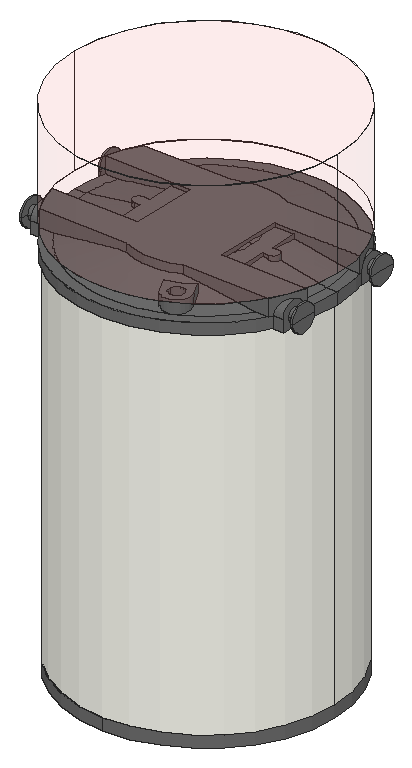
Revit family "Cooling_Plant-Accessories-Calmac-IceBank-Model-1220C4F", category Mechanical Equipment, Revit 2014
Parameters (values of type "1220C4F")
  Watermarked By = "http://revitwatermark.com"
  Water_Ice Tank Volume = "2,185 Gallons"
  Warning = "Ice tanks are a component in an ice storage system including chillers, pumps, and controls. Contact CALMAC for IceBank® selection support to make sure all system components will work together properly."
  URL = "http://www.calmac.com/"
  Total Cooling Capacity [instance] = 0.0 ton
  Tank Net Usable Capacity = "98 Ton-Hrs"
  Product Page URL = "http://www.calmac.com/products/icebank.asp"
  Is Tank 1 Front Right Connector Visible = not(CTRL Off)  # yes
  Is Tank 1 Front Left Connector Visible = not(CTRL Off)  # yes
  Is Tank 1 Back Right Connector Visible = not(CTRL Off)  # yes
  Is Tank 1 Back Left Connector Visible = not(CTRL Off)  # yes
  Surface Finish = Plastic- Calmac- Black
  Supply Coolant Temperature [instance] = -459.67 °F
  Storage Inlet Temperature [instance] = 60 °F
  Shipping Weight = 2600.00 lbf
  Return Coolant Temperature [instance] = -459.67 °F
  Requires Plate Heat Exchanger [instance] = no
  Project/Customer = ""
  Product Documentation Link = ""
  Pressure Drop [instance] = 0.00 psi
  Precool Hours [instance] = 0
  Pipe Material = Plastic- Calmac- Black
  Operating Weight = 22500.00 lbf
  Occupied Hours [instance] = 0
  Model = "1220C4F"  # constant formula
  Maximum Operating Temperature = "77 °F"
  Maximum Operating Pressure = "620 kPa"
  Manufacturer e-mail = "info@Calmac.com"
  Manufacturer Contact Details = "CALMAC Manufacturing Corporation Headquarters, 3-00 Banta Place, Fair Lawn, NJ  07410, Tel: (201) 797-1511, Fax: (201) 797-1522"
  Manufacturer = "CALMAC Manufacturing Corp."  # constant formula
  Main Use [instance] = ""
  Location [instance] = ""
  Lid Type = Cooling_Plant_Accessories-Calmac-IceBank-Lid_C : Lid-C
  Lid Diameter = 89"  # constant formula
  Leg 4 = 46"  # constant formula
  Leg 1 = 46"  # constant formula
  Latent Cooling Capacity [instance] = 0.0 ton
  Inlet Outlet Center Height = 129"  # constant formula
  Heat Exchanger Volume = "205 Gallons"
  Has Rigging Bar [instance] = no
  Has Plate and Frame Heat Exchanger [instance] = no
  Has Ice Inventory Meter [instance] = no
  Has Heat Transfer Fluid [instance] = no
  Has Glycol Management System [instance] = no
  Floor Loading Weight = "520 lb/sq.ft."
  Factory Tested Pressure = "1724 kPa"
  Diversity Factor [instance] = 0
  Discharge Rate [instance] = 0
  Discharge Hours [instance] = 0
  Description = "Off-Peak Cooling System"
  Is Clearance Box Visible [instance] = yes
  Clearance Box Height = 36"  # constant formula
  City/State [instance] = ""
  CTRL On = yes
  CTRL Off = not(CTRL On)  # no
  CTRL Hydronic Supply Description = "Hydronic Supply"  # constant formula
  CTRL Hydronic Return Description = "Hydronic Return"  # constant formula
  CTRL Base Radius = 43 31/64"
  Body Material = Plastic- Calmac- Off_White
  Has Solid Base [instance] = yes
  Base Height = Inlet Outlet Center Height - 3 3/4"  # 125 1/4"
  Base Finish = Plastic- Calmac- Black
  Assembly Code = "D3030300"
  Actual Chilled Water Flow [instance] = 0 GPM
Reference planes (in)
  plane 1 "Center (Front/Back)": y = 0
  plane 2 "Bottom": z = 0
  plane 3 "Center (Left/Right)": x = 0
  plane 4 "T.O. Base": z = 125.25
  plane 5 "Inlet/Outlet Center (Elevation)": z = 129
  plane 6 "Right Connector Face": x = 46
  plane 7 "Left Connector Face": x = -46
  plane 8 "T.O. Lid": z = 134.5
  plane 9 "Top": z = 170.5
  plane 10 "Front Connection Center (F/B)": y = -16.5
  plane 11 "Back Connection Center (F/B)": y = 16.5
  plane 12 "Back": y = 44.5
  plane 13 "Front": y = -44.5
  plane 14 "Front of Tank": x = 45
  plane 15 "Back of Tank": x = -45
Dimensions and locks (in)
  locked: plane 5 "Inlet/Outlet Center (Elevation)" to plane 4 "T.O. Base" at 3.75
  "Inlet Outlet Center Height": plane 5 "Inlet/Outlet Center (Elevation)" to plane 2 "Bottom"
  "Leg 1": plane 3 "Center (Left/Right)" to plane 6 "Right Connector Face"
  "Leg 4": plane 7 "Left Connector Face" to plane 3 "Center (Left/Right)"
  locked: plane 8 "T.O. Lid" to plane 5 "Inlet/Outlet Center (Elevation)" at 5.5
  locked: plane 10 "Front Connection Center (F/B)" to plane 1 "Center (Front/Back)" at 16.5
  locked: plane 1 "Center (Front/Back)" to plane 11 "Back Connection Center (F/B)" at 16.5
  locked: plane 1 "Center (Front/Back)" to plane 12 "Back" at 44.5
  locked: plane 13 "Front" to plane 1 "Center (Front/Back)" at 44.5
  "Clearance Box Height": plane 9 "Top" to plane 8 "T.O. Lid"
  locked: plane 14 "Front of Tank" to plane 6 "Right Connector Face" at 1
  locked: plane 7 "Left Connector Face" to plane 15 "Back of Tank" at 1
  plane 7 "Left Connector Face" to plane 6 "Right Connector Face" = 92"
  plane 13 "Front" to plane 12 "Back" = 89"
  plane 8 "T.O. Lid" to plane 2 "Bottom" = 134 1/2"
  aligned and locked: plane 1 "Center (Front/Back)" to nested 1
  aligned and locked: plane 3 "Center (Left/Right)" to nested 1
  aligned: plane 3 "Center (Left/Right)" to nested 2
  aligned and locked: plane 1 "Center (Front/Back)" to nested 2
  aligned: plane 4 "T.O. Base" to nested 2
  aligned and locked: plane 4 "T.O. Base" to nested 2  (x2)
  aligned and locked: plane 3 "Center (Left/Right)" to nested 2  (x2)
Nested families (in)
  nested 1: "Cooling_Plant_Accessories-Calmac-IceBank-Base" at (0, 0, 0), type "Base"
    with Is Symbolic Line Visible no, Has Solid Base yes, CTRL Inner Wall Radius 42 39/64", CTRL Base Radius 43 31/64", Base Height 125 1/4"
  nested 2: "Cooling_Plant_Accessories-Calmac-IceBank-Lid_C" at (0, 0, 125.25), type <- "Lid Type", Is Front Right  Flanged Connector Visibility <- "Is Tank 1 Front Right Connector Visible", Is Front Left  Flanged Connector Visibility <- "Is Tank 1 Front Left Connector Visible", Is Clearance Box Visible <- "Is Clearance Box Visible", Is Back Right Flanged Connector Visibility <- "Is Tank 1 Back Right Connector Visible", Is Back Left  Flanged Connector Visibility <- "Is Tank 1 Back Left Connector Visible", Diameter <- "Lid Diameter", Clearance Box Height <- "Clearance Box Height", type "Lid-C"
    with Is Front Right  Flanged Connector Visibility yes, Is Front Left  Flanged Connector Visibility yes, Is Clearance Box Visible yes, Is Back Right Flanged Connector Visibility yes, Is Back Left  Flanged Connector Visibility yes, Diameter 89", Connections Rear Cooling_Plant_Accessories-Calmac-IceBank-4-Inch Flanged Connection : Flange, Connections Front Cooling_Plant_Accessories-Calmac-IceBank-4-Inch Flanged Connection : Flange, Clearance Box Height 36", CTRL Radius 44 1/2"
Connectors (in)
  piping at (-45.3757, -16.5, 129), diameter 4, driven by "Actual Chilled Water Flow", driven by "CTRL Hydronic Return Description"
    settings: on nested 2, index 6, connector inside diameter 24", connector length 0", flow factor 0, pipe flow 0 GPM, pressure drop 0.00 psi, fitting loss kfactor 0, connector angle 0.00°, fixture units 0, engagement length 0", angle of deflection 0.00°, flow configuration 0, flow direction 1, fitting loss method 0, system type 8, joint type 0, gender type 0, connector reference index -1, connector utility 0, adjustable connector no, is connector primary no, connector description "Hydronic Return"
  piping at (-45.3757, 16.5, 129), diameter 4, driven by "CTRL Hydronic Supply Description", driven by "Actual Chilled Water Flow"
    settings: on nested 2, index 7, connector inside diameter 24", connector length 0", flow factor 0, pipe flow 0 GPM, pressure drop 0.00 psi, fitting loss kfactor 0, connector angle 0.00°, fixture units 0, engagement length 0", angle of deflection 0.00°, flow configuration 0, flow direction 2, fitting loss method 0, system type 7, joint type 0, gender type 0, connector reference index -1, connector utility 0, adjustable connector no, is connector primary no, connector description "Hydronic Supply"
  piping at (45.3757, -16.5, 129), diameter 4, driven by "CTRL Hydronic Return Description", driven by "Actual Chilled Water Flow"
    settings: on nested 2, index 8, connector inside diameter 24", connector length 0", flow factor 0, pipe flow 0 GPM, pressure drop 0.00 psi, fitting loss kfactor 0, connector angle 0.00°, fixture units 0, engagement length 0", angle of deflection 0.00°, flow configuration 0, flow direction 1, fitting loss method 0, system type 8, joint type 0, gender type 0, connector reference index -1, connector utility 0, adjustable connector no, is connector primary yes, connector description "Hydronic Return"
  piping at (45.3757, 16.5, 129), diameter 4, driven by "Actual Chilled Water Flow", driven by "CTRL Hydronic Supply Description"
    settings: on nested 2, index 9, connector inside diameter 24", connector length 0", flow factor 0, pipe flow 0 GPM, pressure drop 0.00 psi, fitting loss kfactor 0, connector angle 0.00°, fixture units 0, engagement length 0", angle of deflection 0.00°, flow configuration 0, flow direction 2, fitting loss method 0, system type 7, joint type 0, gender type 0, connector reference index -1, connector utility 0, adjustable connector no, is connector primary no, connector description "Hydronic Supply"
Definition of nested family "Cooling_Plant_Accessories-Calmac-IceBank-Base"
  Parameters (values of type "Base")
    Wall Thickness = 7/8"
    URL = "http://www.calmac.com/"
    Type Comments = ""
    Is Symbolic Line Visible = not(Has Solid Base)  # yes
    Has Solid Base = no
    Model = ""
    Manufacturer = "CALMAC Manufacturing Corp."  # constant formula
    CTRL Inner Wall Radius = CTRL Base Radius - Wall Thickness  # 36"
    CTRL Base Radius = 36 7/8"
    Body Material = Plastic- Calmac- Off_White
    Base Height = 43 5/16"
    Base Finish = Plastic- Calmac- Black
    Assembly Code = "D3030"
  Reference planes (in)
    plane 1 "Center (Front/Back)": y = 0
    plane 2 "Bottom": z = 0
    plane 3 "Center (Left/Right)": x = 0
    plane 4 "Back": y = 36.875
    plane 5 "Front": y = -36.875
    plane 6 "Right": x = 36.875
    plane 7 "Left": x = -36.875
    plane 8 "T.O. Base Plate": z = 4
    plane 9 "Right Edge of Right Void": x = 24.125
    plane 10 "Left Edge of Right Void": x = 13.125
    plane 11 "Left Edge of Left Void": x = -24.125
    plane 12 "Right Edge of Left Void": x = -13.125
    plane 13 "T.O. Base Void": z = 2
    plane 14 "T.O. Base": z = 43.3125
  Forms (in)
    Extrusion 1, solid, material "Plastic- Calmac- Black" <- "Base Finish", visible <- "Is Symbolic Line Visible", detail levels fine
      sketch origin (0, 0, 0) x (1, 0, 0) y (0, 1, 0)
        loop
          circle (0, 0) r 36.875
      from 0 to 4
    Extrusion 2, void
      sketch origin (0, 0, 0) x (1, 0, 0) y (0, 1, 0)
        loop
          line (-24.125, 36.875) -> (-24.125, -36.875) -> (-13.125, -36.875) -> (-13.125, 36.875) -> (-24.125, 36.875)
        loop
          line (13.125, 36.875) -> (13.125, -36.875) -> (24.125, -36.875) -> (24.125, 36.875) -> (13.125, 36.875)
      from 0 to 2
    Extrusion 3, solid, material "Plastic- Calmac- Off_White" <- "Body Material", detail levels fine
      sketch origin (0, 0, 0) x (1, 0, 0) y (0, 1, 0)
        loop
          circle (0, 0) r 36.875
        loop
          circle (0, 0) r 36
      from 4 to 43.3125
    Extrusion 4, solid, material "Plastic- Calmac- Black" <- "Base Finish", visible <- "Has Solid Base", detail levels fine
      sketch origin (0, 0, 43.3125) x (0, -1, 0) y (1, 0, 0)
        loop
          circle (0, 0) r 36.875
      from -43.3125 to -39.3125
  Cuts and joins
    Extrusion 2 cuts Extrusion 3
    Extrusion 2 cuts Extrusion 1
  Lines and regions (in)
    Masking region 1
      outline origin (0, 0, 0) x (1, 0, 0) y (0, 1, 0)
        loop
          circle (0, 0) r 36.875
    Masking region 2
      outline origin (0, 0, 0) x (1, 0, 0) y (0, 0, 1)
        loop
          line (-36.875, 0) -> (36.875, 0) -> (36.875, 43.3125) -> (-36.875, 43.3125) -> (-36.875, 0)
    Masking region 3
      outline origin (0, 0, 0) x (0, 1, 0) y (0, 0, 1)
        loop
          line (-36.875, 0) -> (36.875, 0) -> (36.875, 43.3125) -> (-36.875, 43.3125) -> (-36.875, 0)
    symbolic lines, style "Base", detail levels medium+fine
      curve 1: line (-36.875, 0, 4) -> (36.875, 0, 4)
      curve 8: line (0, -36.875, 4) -> (0, 36.875, 4)
    symbolic lines, style "Base", visible <- "Is Symbolic Line Visible", detail levels medium+fine
      curve 2: line (-24.125, 0, 0) -> (-24.125, 0, 2)
      curve 3: line (-24.125, 0, 2) -> (-13.125, 0, 2)
      curve 4: line (13.125, 0, 2) -> (24.125, 0, 2)
      curve 5: line (13.125, 0, 0) -> (13.125, 0, 2)
      curve 6: line (24.125, 0, 0) -> (24.125, 0, 2)
      curve 7: line (-13.125, 0, 0) -> (-13.125, 0, 2)
    model lines, style "Base", detail levels medium
      curve 9: circle (0, 0, 43.3125) r 36.875 normal (0, 0, 1)
      curve 10: circle (0, 0, 4) r 36.875 normal (0, 0, 1)
      curve 11: circle (0, 0, 0) r 36.875 normal (0, 0, 1)
      curve 12: line (36.875, 0, 0) -> (36.875, 0, 43.3125)
      curve 13: line (-36.875, 0, 0) -> (-36.875, 0, 43.3125)
      curve 14: line (0, -36.875, 0) -> (0, -36.875, 43.3125)
      curve 15: line (0, 36.875, 0) -> (0, 36.875, 43.3125)
    model lines, style "Base", detail levels coarse
      curve 16: line (0, 0, 0) -> (0, 0, 43.3125)
  Dimensions and locks (in)
    locked: plane 7 "Left" to plane 11 "Left Edge of Left Void" at 12.75
    locked: plane 7 "Left" to plane 12 "Right Edge of Left Void" at 23.75
    locked: plane 9 "Right Edge of Right Void" to plane 6 "Right" at 12.75
    locked: plane 10 "Left Edge of Right Void" to plane 6 "Right" at 23.75
    "CTRL Base Radius": plane 7 "Left" to plane 3 "Center (Left/Right)"
    "CTRL Base Radius": plane 3 "Center (Left/Right)" to plane 6 "Right"
    "CTRL Base Radius": plane 1 "Center (Front/Back)" to plane 4 "Back"
    "CTRL Base Radius": plane 5 "Front" to plane 1 "Center (Front/Back)"
    locked: plane 8 "T.O. Base Plate" to plane 2 "Bottom" at 4
    "Base Height": plane 14 "T.O. Base" to plane 2 "Bottom"
    locked: plane 13 "T.O. Base Void" to plane 2 "Bottom" at 2
    "CTRL Base Radius": radius of Extrusion 1 sketch curve
    "CTRL Base Radius": radius of Extrusion 3 sketch curve
    "CTRL Inner Wall Radius": radius of Extrusion 3 sketch curve
    "CTRL Base Radius": radius of Masking region 1 sketch curve
    "CTRL Base Radius": radius of curve 9
    "CTRL Base Radius": radius of curve 10
    "CTRL Base Radius": radius of curve 11
    "CTRL Base Radius": radius of Extrusion 4 sketch curve
    aligned and locked: plane 3 "Center (Left/Right)" to Extrusion 1 sketch curve
    aligned and locked: plane 1 "Center (Front/Back)" to Extrusion 1 sketch curve
    aligned and locked: Extrusion 1 to plane 2 "Bottom"
    aligned and locked: plane 8 "T.O. Base Plate" to Extrusion 1
    aligned and locked: plane 2 "Bottom" to Extrusion 1
    aligned and locked: Extrusion 2 sketch curve to plane 4 "Back"  (x2)
    aligned and locked: Extrusion 2 sketch curve to plane 12 "Right Edge of Left Void"
    aligned and locked: plane 11 "Left Edge of Left Void" to Extrusion 2 sketch curve
    aligned and locked: Extrusion 2 sketch curve to plane 5 "Front"  (x2)
    aligned and locked: Extrusion 2 sketch curve to plane 10 "Left Edge of Right Void"
    aligned and locked: Extrusion 2 sketch curve to plane 9 "Right Edge of Right Void"
    aligned and locked: plane 13 "T.O. Base Void" to Extrusion 2
    aligned and locked: Extrusion 2 to plane 2 "Bottom"
    aligned and locked: Extrusion 2 to plane 5 "Front"
    aligned and locked: plane 4 "Back" to Extrusion 2
    aligned and locked: Extrusion 2 to plane 13 "T.O. Base Void"  (x2)
    aligned and locked: plane 11 "Left Edge of Left Void" to Extrusion 2
    aligned and locked: plane 2 "Bottom" to Extrusion 2  (x2)
    aligned and locked: Extrusion 2 to plane 12 "Right Edge of Left Void"
    aligned and locked: plane 10 "Left Edge of Right Void" to Extrusion 2
    aligned and locked: Extrusion 2 to plane 9 "Right Edge of Right Void"
    aligned and locked: plane 3 "Center (Left/Right)" to Extrusion 3 sketch curve  (x2)
    aligned and locked: plane 1 "Center (Front/Back)" to Extrusion 3 sketch curve  (x2)
    aligned and locked: Extrusion 3 to plane 8 "T.O. Base Plate"
    aligned and locked: plane 14 "T.O. Base" to Extrusion 3
    aligned and locked: plane 3 "Center (Left/Right)" to Masking region 1 sketch curve
    aligned and locked: plane 1 "Center (Front/Back)" to Masking region 1 sketch curve
    aligned and locked: Masking region 2 sketch curve to plane 14 "T.O. Base"
    aligned and locked: plane 6 "Right" to Masking region 2 sketch curve
    aligned and locked: plane 2 "Bottom" to Masking region 2 sketch curve
    aligned and locked: Masking region 2 sketch curve to plane 7 "Left"
    aligned and locked: plane 7 "Left" to curve 1
    aligned and locked: plane 6 "Right" to curve 1
    aligned and locked: curve 1 to plane 8 "T.O. Base Plate"
    aligned and locked: plane 11 "Left Edge of Left Void" to curve 3
    aligned and locked: plane 12 "Right Edge of Left Void" to curve 3
    aligned and locked: curve 3 to plane 13 "T.O. Base Void"
    aligned and locked: plane 2 "Bottom" to curve 2
    aligned and locked: curve 2 to plane 11 "Left Edge of Left Void"
    aligned and locked: plane 10 "Left Edge of Right Void" to curve 4
    aligned and locked: plane 9 "Right Edge of Right Void" to curve 4
    aligned and locked: plane 13 "T.O. Base Void" to curve 5
    aligned and locked: plane 13 "T.O. Base Void" to curve 6
    aligned and locked: plane 2 "Bottom" to curve 5
    aligned and locked: curve 5 to plane 10 "Left Edge of Right Void"
    aligned and locked: curve 6 to plane 9 "Right Edge of Right Void"
    aligned and locked: plane 13 "T.O. Base Void" to curve 7
    aligned and locked: plane 2 "Bottom" to curve 7
    aligned and locked: curve 7 to plane 12 "Right Edge of Left Void"
    aligned and locked: plane 5 "Front" to Masking region 3 sketch curve
    aligned and locked: plane 14 "T.O. Base" to Masking region 3 sketch curve
    aligned and locked: Masking region 3 sketch curve to plane 4 "Back"
    aligned and locked: plane 2 "Bottom" to Masking region 3 sketch curve
    aligned and locked: plane 4 "Back" to curve 8
    aligned and locked: plane 5 "Front" to curve 8
    aligned and locked: curve 8 to plane 8 "T.O. Base Plate"
    aligned and locked: plane 3 "Center (Left/Right)" to curve 9
    aligned and locked: plane 1 "Center (Front/Back)" to curve 9
    aligned and locked: curve 9 to plane 14 "T.O. Base"
    aligned and locked: curve 10 to plane 8 "T.O. Base Plate"
    aligned and locked: plane 3 "Center (Left/Right)" to curve 10
    aligned and locked: plane 1 "Center (Front/Back)" to curve 10
    aligned: curve 11 to plane 2 "Bottom"
    aligned and locked: plane 3 "Center (Left/Right)" to curve 11
    aligned and locked: plane 1 "Center (Front/Back)" to curve 11
    aligned and locked: plane 14 "T.O. Base" to curve 12
    aligned and locked: plane 14 "T.O. Base" to curve 13
    aligned and locked: plane 2 "Bottom" to curve 12
    aligned and locked: plane 2 "Bottom" to curve 13
    aligned and locked: curve 12 to plane 6 "Right"
    aligned and locked: curve 13 to plane 7 "Left"
    aligned and locked: curve 12 to plane 1 "Center (Front/Back)"
    aligned and locked: curve 13 to plane 1 "Center (Front/Back)"
    aligned and locked: plane 14 "T.O. Base" to curve 14
    aligned and locked: plane 14 "T.O. Base" to curve 15
    aligned and locked: plane 2 "Bottom" to curve 14
    aligned and locked: plane 2 "Bottom" to curve 15
    aligned and locked: plane 4 "Back" to curve 15
    aligned and locked: plane 5 "Front" to curve 14
    aligned and locked: plane 3 "Center (Left/Right)" to curve 14
    aligned and locked: plane 3 "Center (Left/Right)" to curve 15
    aligned and locked: plane 14 "T.O. Base" to curve 16
    aligned and locked: plane 2 "Bottom" to curve 16
    aligned and locked: plane 3 "Center (Left/Right)" to curve 16
    aligned and locked: curve 16 to plane 1 "Center (Front/Back)"
    aligned and locked: plane 1 "Center (Front/Back)" to Extrusion 4 sketch curve
    aligned and locked: plane 3 "Center (Left/Right)" to Extrusion 4 sketch curve
    aligned and locked: plane 8 "T.O. Base Plate" to Extrusion 4
    aligned and locked: Extrusion 4 to plane 2 "Bottom"
  Automatic sketch dimensions
    curve 6 to level = 0"
Definition of nested family "Cooling_Plant_Accessories-Calmac-IceBank-Lid_C"
  Parameters (values of type "Lid-C")
    Surface Finish = Plastic- Calmac- Black
    Connections Rear [instance] = Cooling_Plant_Accessories-Calmac-IceBank-4-Inch Flanged Connection : Flange
    Pipe Material = Plastic- Calmac- Black
    Is Front Right  Flanged Connector Visibility [instance] = yes
    Is Front Left  Flanged Connector Visibility [instance] = yes
    Connections Front [instance] = Cooling_Plant_Accessories-Calmac-IceBank-4-Inch Flanged Connection : Flange
    Diameter [instance] = 88 5/8"
    Is Clearance Box Visible [instance] = yes
    Clearance Box Height [instance] = 36"
    CTRL Radius [instance] = Diameter / 2  # 44 5/16"
    Is Back Right Flanged Connector Visibility [instance] = yes
    Is Back Left  Flanged Connector Visibility [instance] = yes
  Reference planes (in)
    plane 1 "Center (Front/Back)": y = 0
    plane 2 "Bottom": z = 0
    plane 3 "Center (Left/Right)": x = 0
    plane 4 "Back": y = 44.315
    plane 5 "Back Connector Back": y = 20.75
    plane 6 "Back Connector Center": y = 16.5
    plane 7 "Back Connector Front": y = 12.25
    plane 8 "Piping Back": y = 21.88647
    plane 9 "Rigging Back": y = 11.25
    plane 10 "Rigging Loop Back": y = 2
    plane 11 "Top Back Edge": y = 24
    plane 12 "Back Inset": y = 40.5
    plane 13 "Back Bolt Front": y = 41.313
    plane 14 "Front": y = -44.315
    plane 15 "Front Connection Front": y = -20.75
    plane 16 "Fron Connector Center": y = -16.5
    plane 17 "Front Connector Back": y = -12.25
    plane 18 "Piping Front": y = -21.88647
    plane 19 "Rigging Front": y = -11.25
    plane 20 "Rigging Loop Front": y = -2
    plane 21 "Top Front Edge": y = -24
    plane 22 "Front Inset": y = -40.5
    plane 23 "Pad Eye Back Right": y = -25.81593
    plane 24 "Pad Eye Back Left Offset": y = -29.90257
    plane 25 "Pad Eye Hole": y = -34.65277
    plane 26 "Pad Eye Back Left": y = -29.72849
    plane 27 "Pad Eye Front Center": y = -36.16371
    plane 28 "Left Connection": x = -44.04297
    plane 29 "Left": x = -44.31273
    plane 30 "Left Lip Inset": x = -40.49773
    plane 31 "Left Rigging Loop Left": x = -24.67173
    plane 32 "Left Rigging Loop Inset": x = -21.42181
    plane 33 "Left Rigging Loop Right": x = -20.67011
    plane 34 "Left Rigging Right": x = -14.19546
    plane 35 "Top Left": x = -9.54335
    plane 36 "Right Connection": x = 44.04297
    plane 37 "Right": x = 44.31273
    plane 38 "Lid Inset Right": x = 40.49773
    plane 39 "Right Rigging Loop Right": x = 24.67173
    plane 40 "Right Rigging Loop Inset": x = 21.42181
    plane 41 "Right Rigging Loop Left": x = 20.67011
    plane 42 "Right Rigging Left": x = 14.19546
    plane 43 "Top Right": x = 9.54335
    plane 44 "Connection Sleeve Left": x = -42.58273
    plane 45 "Connection Sleeve Right": x = 42.58273
    plane 46 "Right Center": x = 17.8202
    plane 47 "Bolt Inset Right": x = 1.00017
    plane 48 "Bolt Inset Left": x = -1.00017
    plane 49 "Bolt Inset Center": y = 42.31422
    plane 50 "Top Left Inset": x = -38.53052
    plane 51 "Top Right Inset": x = 38.53052
    plane 52 "Right Side Chanel": x = 42.86089
    plane 53 "Left Side Channel": x = -42.86089
    plane 54 "Top of Clearance Box": z = 45.25
    plane 55 "Top": z = 9.25
    plane 56 "Connector Channel Top": z = 8
    plane 57 "Center (Elevation)": z = 3.75
    plane 58 "Front Inset 2": y = -36.85443
    plane 59 "Flange Left": x = -46.0007
    plane 60 "Flange Right": x = 46.0007
  Forms (in)
    Revolve 1, solid, material "Plastic- Calmac- Black" <- "Surface Finish", detail levels fine
      sketch origin (0, 0, 0) x (1, 0, 0) y (0, 0, 1)
        loop
          line (0, 9) -> (0, 0) -> (44.31273, 0) -> (44.31273, 3.75) -> (40.49773, 3.75) -> (9.54335, 9) -> (0, 9)
        axis (0, 9) -> (0, 0)
      angle from 0 to 360
    Extrusion 2, solid, material "Plastic- Calmac- Black" <- "Surface Finish", detail levels fine
      sketch origin (0, 0, 0) x (1, 0, 0) y (0, 1, 0)
        loop
          arc (-38.53052, 21.88647) -> (-41.04173, 16.70911) -> (-42.86089, 11.25) r 44.31273
          line (-42.86089, 11.25) -> (-14.19546, 11.25) -> (-14.19546, -11.25) -> (-42.86089, -11.25)
          arc (-42.86089, -11.25) -> (-41.04173, -16.70911) -> (-38.53052, -21.88647) r 44.31273
          line (-38.53052, -21.88647) -> (-9.54335, -21.88647)
          arc (-9.54335, -21.88647) -> (0, -24) -> (9.54335, -21.88647) r 22.60261
          line (9.54335, -21.88647) -> (38.53052, -21.88647)
          arc (38.53052, -21.88647) -> (41.04173, -16.70911) -> (42.86089, -11.25) r 44.31273
          line (42.86089, -11.25) -> (14.19546, -11.25) -> (14.19546, 11.25) -> (42.86089, 11.25)
          arc (42.86089, 11.25) -> (41.04173, 16.70911) -> (38.53052, 21.88647) r 44.31273
          line (38.53052, 21.88647) -> (9.54335, 21.88647)
          arc (9.54335, 21.88647) -> (0, 24) -> (-9.54335, 21.88647) r 22.60261
          line (-9.54335, 21.88647) -> (-38.53052, 21.88647)
      from 3.75 to 9.25
    Extrusion 3, solid, material "Plastic- Calmac- Black" <- "Surface Finish", detail levels fine
      sketch origin (0, 0, 0) x (0, 1, 0) y (0, 0, 1)
        loop
          arc (20.75, 3.75) -> (16.5, 8) -> (12.25, 3.75) r 4.25
          line (12.25, 3.75) -> (12.25, 0) -> (20.75, 0) -> (20.75, 3.75)
        loop
          arc (-12.25, 3.75) -> (-16.5, 8) -> (-20.75, 3.75) r 4.25
          line (-20.75, 3.75) -> (-20.75, 0) -> (-12.25, 0) -> (-12.25, 3.75)
      from -42.58273 to 42.58273
    Extrusion 4, solid, material "Plastic- Calmac- Black" <- "Surface Finish", detail levels fine
      sketch origin (0, 0, 0) x (1, 0, 0) y (0, 1, 0)
        loop
          circle (15.75299, -32.19443) r 2.46875
        loop
          arc (17.70624, -25.58301) -> (13.67455, -27.9461) -> (9.33437, -29.67863) r 31.11
          line (9.33437, -29.67863) -> (11.56709, -34.24232)
          arc (11.56709, -34.24232) -> (17.80089, -36.38032) -> (19.93889, -30.14653) r 4.66
          line (19.93889, -30.14653) -> (17.70624, -25.58301)
      from 3.75 to 8
    Extrusion 5, solid, material "Plastic- Calmac- Black" <- "Surface Finish", detail levels fine
      sketch origin (0, 0, 0) x (1, 0, 0) y (0, 1, 0)
        loop
          line (-20.67011, 11.25) -> (-20.67011, 2) -> (-22.67173, 2)
          arc (-22.67173, 2) -> (-24.67173, 0) -> (-22.67173, -2) r 2
          line (-22.67173, -2) -> (-20.67011, -2) -> (-20.67011, -11.25) -> (-14.19546, -11.25) -> (-14.19546, 11.25) -> (-20.67011, 11.25)
        loop
          line (20.67011, 2) -> (20.67011, 11.25) -> (14.19546, 11.25) -> (14.19546, -11.25) -> (20.67011, -11.25) -> (20.67011, -2) -> (22.67548, -2)
          arc (22.67548, -2) -> (24.67548, 0) -> (22.67548, 2) r 2
          line (22.67548, 2) -> (20.67011, 2)
      from 3.75 to 8
  Cuts and joins
    joined: Revolve 1, Extrusion 2, Extrusion 4, Extrusion 5
  Lines and regions (in)
    Masking region 1
      outline origin (0, 0, 0) x (1, 0, 0) y (0, 0, 1)
        loop
          line (-44.31273, 9.25) -> (-44.31273, 0) -> (44.31273, 0) -> (44.31273, 9.25) -> (-44.31273, 9.25)
    Masking region 2
      outline origin (0, 0, 0) x (0, 1, 0) y (0, 0, 1)
        loop
          line (44.315, 3.75) -> (40.5, 3.75) -> (24, 6.54801) -> (24, 9.25) -> (-24, 9.25) -> (-24, 6.54801) -> (-25.58301, 6.26888) -> (-25.58301, 8) -> (-36.85443, 8) -> (-36.85443, 4.39281) -> (-40.5, 3.75) -> (-44.315, 3.75) -> (-44.315, 0) -> (44.315, 0) -> (44.315, 3.75)
    Masking region 3
      outline origin (0, 0, 3.75) x (-1, 0, 0) y (0, -1, 0)
        loop
          arc (-44.31273, 0) -> (-43.8781, -6.19116) -> (-42.58273, -12.26088) r 44.31273
          line (-42.58273, -12.26088) -> (-42.58273, -20.75) -> (-39.15426, -20.75)
          arc (-39.15426, -20.75) -> (0, -44.31273) -> (39.15426, -20.75) r 44.31273
          line (39.15426, -20.75) -> (42.58273, -20.75) -> (42.58273, -12.26088)
          arc (42.58273, -12.26088) -> (43.8781, -6.19116) -> (44.31273, 0) r 44.31273
          arc (44.31273, 0) -> (43.8781, 6.19116) -> (42.58273, 12.26088) r 44.31273
          line (42.58273, 12.26088) -> (42.58273, 20.75) -> (39.15426, 20.75)
          arc (39.15426, 20.75) -> (0, 44.31273) -> (-39.15426, 20.75) r 44.31273
          line (-39.15426, 20.75) -> (-42.58273, 20.75) -> (-42.58273, 12.26088)
          arc (-42.58273, 12.26088) -> (-43.8781, 6.19116) -> (-44.31273, 0) r 44.31273
    symbolic lines, detail levels fine
      curve 1: line (1.00017, 44.315, 3.75) -> (1.00017, 42.31422, 3.75)
      curve 2: line (-1.00017, 44.315, 3.75) -> (-1.00017, 42.31422, 3.75)
      curve 3: arc (-1.00017, 42.31422, 3.75) -> (0, 41.31405, 3.75) -> (1.00017, 42.31422, 3.75) r 1.00017
      curve 4: line (10.83611, 42.98137, 3.75) -> (10.39089, 41.03076, 3.75)
      curve 5: line (8.88592, 43.42649, 3.75) -> (8.44071, 41.47588, 3.75)
      curve 6: arc (8.44071, 41.47588, 3.75) -> (9.19324, 40.27822, 3.75) -> (10.39089, 41.03076, 3.75) r 1.00017
      curve 7: line (-8.88592, 43.42649, 3.75) -> (-8.44071, 41.47588, 3.75)
      curve 8: line (-10.83611, 42.98137, 3.75) -> (-10.39089, 41.03076, 3.75)
      curve 9: arc (-10.39089, 41.03076, 3.75) -> (-9.19324, 40.27822, 3.75) -> (-8.44071, 41.47588, 3.75) r 1.00017
      curve 10: line (-18.32644, 40.36039, 3.75) -> (-17.45833, 38.55775, 3.75)
      curve 11: line (-20.12868, 39.49248, 3.75) -> (-19.26058, 37.68984, 3.75)
      curve 12: arc (-19.26058, 37.68984, 3.75) -> (-17.9255, 37.22267, 3.75) -> (-17.45833, 38.55775, 3.75) r 1.00017
      curve 13: line (-26.84799, 35.27046, 3.75) -> (-25.60052, 33.70619, 3.75)
      curve 14: line (-28.41192, 34.02327, 3.75) -> (-27.16445, 32.45899, 3.75)
      curve 15: arc (-27.16445, 32.45899, 3.75) -> (-25.75889, 32.30063, 3.75) -> (-25.60052, 33.70619, 3.75) r 1.00017
      curve 16: line (-34.02327, 28.41192, 3.75) -> (-32.45899, 27.16445, 3.75)
      curve 17: line (-35.27046, 26.84799, 3.75) -> (-33.70619, 25.60052, 3.75)
      curve 18: arc (-33.70619, 25.60052, 3.75) -> (-32.30063, 25.75889, 3.75) -> (-32.45899, 27.16445, 3.75) r 1.00017
      curve 19: line (-42.98137, 10.83611, 3.75) -> (-41.03076, 10.39089, 3.75)
      curve 20: line (-43.42649, 8.88592, 3.75) -> (-41.47588, 8.44071, 3.75)
      curve 21: arc (-41.47588, 8.44071, 3.75) -> (-40.27822, 9.19324, 3.75) -> (-41.03076, 10.39089, 3.75) r 1.00017
      curve 22: line (-44.315, 1.00017, 3.75) -> (-42.31422, 1.00017, 3.75)
      curve 23: line (-44.315, -1.00017, 3.75) -> (-42.31422, -1.00017, 3.75)
      curve 24: arc (-42.31422, -1.00017, 3.75) -> (-41.31405, 0, 3.75) -> (-42.31422, 1.00017, 3.75) r 1.00017
      curve 25: line (-43.42649, -8.88592, 3.75) -> (-41.47588, -8.44071, 3.75)
      curve 26: line (-42.98137, -10.83611, 3.75) -> (-41.03076, -10.39089, 3.75)
      curve 27: arc (-41.03076, -10.39089, 3.75) -> (-40.27822, -9.19324, 3.75) -> (-41.47588, -8.44071, 3.75) r 1.00017
      curve 28: line (-35.27046, -26.84799, 3.75) -> (-33.70619, -25.60052, 3.75)
      curve 29: line (-34.02327, -28.41192, 3.75) -> (-32.45899, -27.16445, 3.75)
      curve 30: arc (-32.45899, -27.16445, 3.75) -> (-32.30063, -25.75889, 3.75) -> (-33.70619, -25.60052, 3.75) r 1.00017
      curve 31: line (-28.41192, -34.02327, 3.75) -> (-27.16445, -32.45899, 3.75)
      curve 32: line (-26.84799, -35.27046, 3.75) -> (-25.60052, -33.70619, 3.75)
      curve 33: arc (-25.60052, -33.70619, 3.75) -> (-25.75889, -32.30063, 3.75) -> (-27.16445, -32.45899, 3.75) r 1.00017
      curve 34: line (-20.12868, -39.49248, 3.75) -> (-19.26058, -37.68984, 3.75)
      curve 35: line (-18.32644, -40.36039, 3.75) -> (-17.45833, -38.55775, 3.75)
      curve 36: arc (-17.45833, -38.55775, 3.75) -> (-17.9255, -37.22267, 3.75) -> (-19.26058, -37.68984, 3.75) r 1.00017
      curve 37: line (-10.83611, -42.98137, 3.75) -> (-10.39089, -41.03076, 3.75)
      curve 38: line (-8.88592, -43.42649, 3.75) -> (-8.44071, -41.47588, 3.75)
      curve 39: arc (-8.44071, -41.47588, 3.75) -> (-9.19324, -40.27822, 3.75) -> (-10.39089, -41.03076, 3.75) r 1.00017
      curve 40: line (-1.00017, -44.315, 3.75) -> (-1.00017, -42.31422, 3.75)
      curve 41: line (1.00017, -44.315, 3.75) -> (1.00017, -42.31422, 3.75)
      curve 42: arc (1.00017, -42.31422, 3.75) -> (0, -41.31405, 3.75) -> (-1.00017, -42.31422, 3.75) r 1.00017
      curve 43: line (8.88592, -43.42649, 3.75) -> (8.44071, -41.47588, 3.75)
      curve 44: line (10.83611, -42.98137, 3.75) -> (10.39089, -41.03076, 3.75)
      curve 45: arc (10.39089, -41.03076, 3.75) -> (9.19324, -40.27822, 3.75) -> (8.44071, -41.47588, 3.75) r 1.00017
      curve 46: line (18.32644, -40.36039, 3.75) -> (17.45833, -38.55775, 3.75)
      curve 47: line (20.12868, -39.49248, 3.75) -> (19.26058, -37.68984, 3.75)
      curve 48: arc (19.26058, -37.68984, 3.75) -> (17.9255, -37.22267, 3.75) -> (17.45833, -38.55775, 3.75) r 1.00017
      curve 49: line (26.84799, -35.27046, 3.75) -> (25.60052, -33.70619, 3.75)
      curve 50: line (28.41192, -34.02327, 3.75) -> (27.16445, -32.45899, 3.75)
      curve 51: arc (27.16445, -32.45899, 3.75) -> (25.75889, -32.30063, 3.75) -> (25.60052, -33.70619, 3.75) r 1.00017
      curve 52: line (34.02327, -28.41192, 3.75) -> (32.45899, -27.16445, 3.75)
      curve 53: line (35.27046, -26.84799, 3.75) -> (33.70619, -25.60052, 3.75)
      curve 54: arc (33.70619, -25.60052, 3.75) -> (32.30063, -25.75889, 3.75) -> (32.45899, -27.16445, 3.75) r 1.00017
      curve 55: line (42.98137, -10.83611, 3.75) -> (41.03076, -10.39089, 3.75)
      curve 56: line (43.42649, -8.88592, 3.75) -> (41.47588, -8.44071, 3.75)
      curve 57: arc (41.47588, -8.44071, 3.75) -> (40.27822, -9.19324, 3.75) -> (41.03076, -10.39089, 3.75) r 1.00017
      curve 58: line (44.315, -1.00017, 3.75) -> (42.31422, -1.00017, 3.75)
      curve 59: line (44.315, 1.00017, 3.75) -> (42.31422, 1.00017, 3.75)
      curve 60: arc (42.31422, 1.00017, 3.75) -> (41.31405, 0, 3.75) -> (42.31422, -1.00017, 3.75) r 1.00017
      curve 61: line (43.42649, 8.88592, 3.75) -> (41.47588, 8.44071, 3.75)
      curve 62: line (42.98137, 10.83611, 3.75) -> (41.03076, 10.39089, 3.75)
      curve 63: arc (41.03076, 10.39089, 3.75) -> (40.27822, 9.19324, 3.75) -> (41.47588, 8.44071, 3.75) r 1.00017
      curve 64: line (35.27046, 26.84799, 3.75) -> (33.70619, 25.60052, 3.75)
      curve 65: line (34.02327, 28.41192, 3.75) -> (32.45899, 27.16445, 3.75)
      curve 66: arc (32.45899, 27.16445, 3.75) -> (32.30063, 25.75889, 3.75) -> (33.70619, 25.60052, 3.75) r 1.00017
      curve 67: line (28.41192, 34.02327, 3.75) -> (27.16445, 32.45899, 3.75)
      curve 68: line (26.84799, 35.27046, 3.75) -> (25.60052, 33.70619, 3.75)
      curve 69: arc (25.60052, 33.70619, 3.75) -> (25.75889, 32.30063, 3.75) -> (27.16445, 32.45899, 3.75) r 1.00017
      curve 70: line (20.12868, 39.49248, 3.75) -> (19.26058, 37.68984, 3.75)
      curve 71: line (18.32644, 40.36039, 3.75) -> (17.45833, 38.55775, 3.75)
      curve 72: arc (17.45833, 38.55775, 3.75) -> (17.9255, 37.22267, 3.75) -> (19.26058, 37.68984, 3.75) r 1.00017
    symbolic lines, style "Thermal Energy Storage", detail levels medium+fine
      curve 73: arc (0, 20.75, 3.75) -> (0, 16.5, 8) -> (0, 12.25, 3.75) r 4.25
      curve 74: line (0, 20.75, 0) -> (0, 20.75, 3.75)
      curve 75: line (0, 12.25, 3.75) -> (0, 12.25, 0)
      curve 77: line (0, 21.88647, 3.75) -> (0, 21.88647, 9.25)
      curve 78: line (0, 21.88647, 3.75) -> (0, 40.5, 3.75)
      curve 80: line (0, -11.25, 3.75) -> (0, -11.25, 9.25)
      curve 86: line (0, 11.25, 9.25) -> (0, 11.25, 3.75)
      curve 87: line (0, 11.25, 3.75) -> (0, -11.25, 3.75)
      curve 88: arc (0, -12.25, 3.75) -> (0, -16.5, 8) -> (0, -20.75, 3.75) r 4.25
      curve 89: line (0, -12.25, 0) -> (0, -12.25, 3.75)
      curve 90: line (0, -20.75, 3.75) -> (0, -20.75, 0)
      curve 95: line (0, -21.88647, 9.25) -> (0, -21.88647, 3.75)
      curve 96: line (0, -21.88647, 3.75) -> (0, -40.49773, 3.75)
      curve 98: line (-38.53052, 0, 3.75) -> (38.53052, 0, 3.75)
      curve 100: line (-38.53052, 0, 3.75) -> (-38.53052, 0, 9.25)
      curve 110: line (38.53052, 0, 3.75) -> (38.53052, 0, 9.25)
      curve 121: line (-9.54335, 21.88647, 3.75) -> (-38.53052, 21.88647, 3.75)
      curve 122: arc (-38.53052, 21.88647, 3.75) -> (-41.04173, 16.70911, 3.75) -> (-42.86089, 11.25, 3.75) r 44.31273
      curve 123: line (-42.86089, 11.25, 3.75) -> (-14.19546, 11.25, 3.75)
      curve 124: line (-14.19546, 11.25, 3.75) -> (-14.19546, -11.25, 3.75)
      curve 125: line (-14.19546, -11.25, 3.75) -> (-42.86089, -11.25, 3.75)
      curve 126: arc (-42.86089, -11.25, 3.75) -> (-41.04173, -16.70911, 3.75) -> (-38.53052, -21.88647, 3.75) r 44.31273
      curve 127: line (-38.53052, -21.88647, 3.75) -> (-9.54335, -21.88647, 3.75)
      curve 128: arc (-9.54335, -21.88647, 3.75) -> (0, -24, 3.75) -> (9.54335, -21.88647, 3.75) r 22.60261
      curve 129: line (9.54335, -21.88647, 3.75) -> (38.53052, -21.88647, 3.75)
      curve 130: arc (38.53052, -21.88647, 3.75) -> (41.04173, -16.70911, 3.75) -> (42.86089, -11.25, 3.75) r 44.31273
      curve 131: line (42.86089, -11.25, 3.75) -> (14.19546, -11.25, 3.75)
      curve 132: line (14.19546, -11.25, 3.75) -> (14.19546, 11.25, 3.75)
      curve 133: line (14.19546, 11.25, 3.75) -> (42.86089, 11.25, 3.75)
      curve 134: arc (42.86089, 11.25, 3.75) -> (41.04173, 16.70911, 3.75) -> (38.53052, 21.88647, 3.75) r 44.31273
      curve 135: line (38.53052, 21.88647, 3.75) -> (9.54335, 21.88647, 3.75)
      curve 136: arc (9.54335, 21.88647, 3.75) -> (0, 24, 3.75) -> (-9.54335, 21.88647, 3.75) r 22.60261
      curve 165: arc (-34.07417, -21.88647, 3.75) -> (0, -40.51236, 3.75) -> (34.07417, -21.88647, 3.75) r 40.48056
      curve 166: arc (-38.90378, -11.25, 3.75) -> (-40.49773, 0, 3.75) -> (-38.90378, 11.25, 3.75) r 40.49773
      curve 167: arc (-34.07417, 21.88647, 3.75) -> (0, 40.5, 3.75) -> (34.07417, 21.88647, 3.75) r 40.49507
      curve 168: arc (38.90378, 11.25, 3.75) -> (40.49773, 0, 3.75) -> (38.90378, -11.25, 3.75) r 40.49773
    symbolic lines, style "Thermal Energy Storage", detail levels fine
      curve 76: line (0, 24, 6.54801) -> (0, 21.87678, 6.54801)
      curve 79: arc (0, -2, 7.09716) -> (0, -6.62882, 6.93697) -> (0, -11.25, 6.62646) r 142.52273
      curve 81: line (0, -11.25, 8) -> (0, -2, 8)
      curve 82: line (0, -2, 8) -> (0, -2, 6.75604)
      curve 83: arc (0, 11.25, 6.62646) -> (0, 6.62882, 6.93697) -> (0, 2, 7.09716) r 142.52273
      curve 84: line (0, 2, 6.75593) -> (0, 2, 8)
      curve 85: line (0, 2, 8) -> (0, 11.25, 8)
      curve 91: line (0, -36.85495, 4.39272) -> (0, -25.60206, 6.37691)
      curve 92: line (0, -24, 6.54801) -> (0, -21.9107, 6.54801)
      curve 93: spline (0, -1.99864, 6.75604) -> (0, -1.98159, 6.71429) -> (0, -1.93074, 6.67324) -> (0, -1.84694, 6.63358) -> (0, -1.73161, 6.59599) -> (0, -1.58672, 6.56109) -> (0, -1.4147, 6.52948) -> (0, -1.21849, 6.50169) -> (0, -1.0014, 6.4782) -> (0, -0.7671, 6.45941) -> (0, -0.51958, 6.44563) -> (0, -0.26302, 6.43709) -> (0, -0.00177, 6.43395)
      curve 94: spline (0, -0.00177, 6.43395) -> (0, 0.25981, 6.43472) -> (0, 0.51674, 6.44125) -> (0, 0.76466, 6.45344) -> (0, 0.99936, 6.47108) -> (0, 1.21686, 6.49387) -> (0, 1.41346, 6.52142) -> (0, 1.58583, 6.55326) -> (0, 1.73103, 6.58885) -> (0, 1.84661, 6.62759) -> (0, 1.93059, 6.66882) -> (0, 1.98156, 6.71185) -> (0, 1.99865, 6.75593)
      curve 97: line (-42.58273, 0, 8) -> (-42.58273, 0, 0)
      curve 99: spline (9.33437, 0, 6.56806) -> (7.83355, 0, 6.56193) -> (6.29236, 0, 6.55689) -> (4.71875, 0, 6.55296) -> (3.12081, 0, 6.55016) -> (1.50679, 0, 6.54851) -> (-0.115, 0, 6.54801) -> (-1.73619, 0, 6.54867) -> (-3.34844, 0, 6.55049) -> (-4.94343, 0, 6.55345) -> (-6.51294, 0, 6.55754) -> (-8.04888, 0, 6.56273) -> (-9.54335, 0, 6.56901)
      curve 101: line (9.33437, 0, 5.34188) -> (9.33437, 0, 8)
      curve 102: line (20.41299, 0, 8) -> (9.33437, 0, 8)
      curve 103: line (9.54335, 0, 8) -> (9.54335, 0, 9)
      curve 104: line (20.41299, 0, 8) -> (20.41299, 0, 4.17536)
      curve 105: line (9.33437, 0, 5.34188) -> (11.56709, 0, 4.48854)
      curve 106: arc (11.56709, 0, 4.48854) -> (14.16986, 0, 3.94334) -> (16.82208, 0, 3.75) r 19.90238
      curve 107: arc (20.41299, 0, 4.17536) -> (20.37233, 0, 4.0464) -> (20.26505, 0, 3.96408) r 0.22484
      curve 108: line (18.16352, 0, 3.75) -> (20.26505, 0, 3.96408)
      curve 109: line (20.41299, 0, 5.54906) -> (33.00047, 0, 3.75)
      curve 111: line (42.58273, 0, 0) -> (42.58273, 0, 8)
      curve 112: arc (41.33273, 0, 8) -> (39.81665, 0, 7.15086) -> (39.24367, 0, 5.51036) r 2.45264
      curve 113: line (39.24367, 0, 5.51036) -> (39.08966, 0, 3.75)
      curve 114: line (41.33273, 0, 8) -> (42.58273, 0, 8)
      curve 115: line (-9.54335, 0, 6.56901) -> (-34.07417, 0, 3.75)
      curve 116: line (39.08966, 0, 3.75) -> (39.08966, 0, 0)
      curve 117: arc (-41.33273, 0, 8) -> (-39.81665, 0, 7.15086) -> (-39.24367, 0, 5.51036) r 2.45264
      curve 118: line (-39.24367, 0, 5.51036) -> (-39.08966, 0, 3.75)
      curve 119: line (-39.08966, 0, 3.75) -> (-39.08966, 0, 0)
      curve 120: line (-42.58273, 0, 8) -> (-41.33273, 0, 8)
      curve 137: line (20.67011, 2, 3.75) -> (20.67011, 11.25, 3.75)
      curve 138: line (20.67011, 11.25, 3.75) -> (14.19546, 11.25, 3.75)
      curve 139: line (14.19546, 11.25, 3.75) -> (14.19546, 6.07162, 3.75)
      curve 140: arc (14.19546, 6.07162, 3.75) -> (15.12523, 3.09887, 3.75) -> (15.43942, 0, 3.75) r 15.43942
      curve 141: arc (15.43942, 0, 3.75) -> (15.12523, -3.09887, 3.75) -> (14.19546, -6.07162, 3.75) r 15.43942
      curve 142: line (14.19546, -6.07162, 3.75) -> (14.19546, -11.25, 3.75)
      curve 143: line (14.19546, -11.25, 3.75) -> (20.67011, -11.25, 3.75)
      curve 144: line (20.67011, -11.25, 3.75) -> (20.67011, -2, 3.75)
      curve 145: line (20.67011, -2, 3.75) -> (22.67548, -2, 3.75)
      curve 146: arc (22.67548, -2, 3.75) -> (24.67548, 0, 3.75) -> (22.67548, 2, 3.75) r 2
      curve 147: line (22.67548, 2, 3.75) -> (20.67011, 2, 3.75)
      curve 148: line (-20.67011, 11.25, 3.75) -> (-20.67011, 2, 3.75)
      curve 149: line (-20.67011, 2, 3.75) -> (-22.67173, 2, 3.75)
      curve 150: arc (-22.67173, 2, 3.75) -> (-24.67173, 0, 3.75) -> (-22.67173, -2, 3.75) r 2
      curve 151: line (-22.67173, -2, 3.75) -> (-20.67011, -2, 3.75)
      curve 152: line (-20.67011, -2, 3.75) -> (-20.67011, -11.25, 3.75)
      curve 153: line (-20.67011, -11.25, 3.75) -> (-14.19546, -11.25, 3.75)
      curve 154: line (-14.19546, -11.25, 3.75) -> (-14.19546, -6.07162, 3.75)
      curve 155: arc (-14.19546, -6.07162, 3.75) -> (-15.12523, -3.09887, 3.75) -> (-15.43942, 0, 3.75) r 15.43942
      curve 156: arc (-15.43942, 0, 3.75) -> (-15.12523, 3.09887, 3.75) -> (-14.19546, 6.07162, 3.75) r 15.43942
      curve 157: line (-14.19546, 6.07162, 3.75) -> (-14.19546, 11.25, 3.75)
      curve 158: line (-14.19546, 11.25, 3.75) -> (-20.67011, 11.25, 3.75)
      curve 159: arc (17.70624, -25.58301, 3.75) -> (13.67455, -27.9461, 3.75) -> (9.33437, -29.67863, 3.75) r 31.11
      curve 160: line (9.33437, -29.67863, 3.75) -> (11.56709, -34.24232, 3.75)
      curve 161: arc (11.56709, -34.24232, 3.75) -> (17.80089, -36.38032, 3.75) -> (19.93889, -30.14653, 3.75) r 4.66
      curve 162: line (19.93889, -30.14653, 3.75) -> (17.70624, -25.58301, 3.75)
      curve 163: arc (13.28424, -32.19443, 3.75) -> (15.75299, -29.72568, 3.75) -> (18.22174, -32.19443, 3.75) r 2.46875
      curve 164: arc (18.22174, -32.19443, 3.75) -> (15.75299, -34.66318, 3.75) -> (13.28424, -32.19443, 3.75) r 2.46875
    model lines, style "Thermal Energy Storage", detail levels medium
      curve 169: arc (44.31273, 0, 0) -> (0, 44.31273, 0) -> (-44.31273, 0, 0) r 44.31273
      curve 170: arc (-44.31273, 0, 0) -> (0, -44.31273, 0) -> (44.31273, 0, 0) r 44.31273
      curve 171: arc (44.31273, 0, 3.75) -> (0, 44.31273, 3.75) -> (-44.31273, 0, 3.75) r 44.31273
      curve 172: arc (-44.31273, 0, 3.75) -> (0, -44.31273, 3.75) -> (44.31273, 0, 3.75) r 44.31273
      curve 173: arc (-34.07417, 21.88647, 3.75) -> (0, 40.49773, 3.75) -> (34.07417, 21.88647, 3.75) r 40.49773
      curve 174: arc (34.07417, -21.88647, 3.75) -> (0, -40.49773, 3.75) -> (-34.07417, -21.88647, 3.75) r 40.49773
      curve 175: arc (-38.90378, -11.25, 3.75) -> (-40.09726, -5.68118, 3.75) -> (-40.49773, 0, 3.75) r 40.49773
      curve 176: arc (-40.49773, 0, 3.75) -> (-40.09726, 5.68118, 3.75) -> (-38.90378, 11.25, 3.75) r 40.49773
      curve 177: arc (40.49773, 0, 3.75) -> (40.09726, -5.68118, 3.75) -> (38.90378, -11.25, 3.75) r 40.49773
      curve 178: arc (38.90378, 11.25, 3.75) -> (40.09726, 5.68118, 3.75) -> (40.49773, 0, 3.75) r 40.49773
      curve 179: line (38.53052, 21.88647, 3.75) -> (8.66096, 21.88647, 3.75)
      curve 180: arc (9.54335, 21.88647, 3.75) -> (0, 24, 3.75) -> (-9.54335, 21.88647, 3.75) r 22.60261
      curve 181: line (-9.54335, 21.88647, 3.75) -> (-38.53052, 21.88647, 3.75)
      curve 182: line (-42.86089, 11.25, 3.75) -> (-14.19546, 11.25, 3.75)
      curve 183: line (-14.19546, 11.25, 3.75) -> (-14.19546, -11.25, 3.75)
      curve 184: line (-14.19546, -11.25, 3.75) -> (-42.86089, -11.25, 3.75)
      curve 185: line (-38.53052, -21.88647, 3.75) -> (-9.54335, -21.88647, 3.75)
      curve 186: arc (-9.54335, -21.88647, 3.75) -> (0, -24, 3.75) -> (9.54335, -21.88647, 3.75) r 22.60261
      curve 187: line (9.54335, -21.88647, 3.75) -> (38.53052, -21.88647, 3.75)
      curve 188: line (42.86089, -11.25, 3.75) -> (14.19546, -11.25, 3.75)
      curve 189: line (14.19546, -11.25, 3.75) -> (14.19546, 11.25, 3.75)
      curve 190: line (14.19546, 11.25, 3.75) -> (42.86089, 11.25, 3.75)
      curve 191: line (-42.86089, 11.25, 9.25) -> (-42.86089, 11.25, 3.75)
      curve 192: line (-42.86089, -11.25, 3.75) -> (-42.86089, -11.25, 9.25)
      curve 193: line (42.86089, 11.25, 3.75) -> (42.86089, 11.25, 9.25)
      curve 194: line (42.86089, -11.25, 9.25) -> (42.86089, -11.25, 3.75)
      curve 195: line (-38.53052, 21.88647, 3.75) -> (-38.53052, 21.88647, 9.25)
      curve 196: line (-38.53052, -21.88647, 9.03655) -> (-38.53052, -21.88647, 3.75)
      curve 197: line (38.53052, 21.88647, 9.25) -> (38.53052, 21.88647, 3.89855)
      curve 198: line (38.53052, -21.88647, 3.75) -> (38.53052, -21.88647, 9.25)
    model lines, style "Thermal Energy Storage", detail levels coarse
      curve 199: line (-44.31273, 0, 9.25) -> (44.31273, 0, 9.25)
      curve 200: line (0, -44.31273, 9.25) -> (0, 44.31273, 9.25)
      curve 201: line (0, 0, 9.25) -> (0, 0, 0)
      curve 202: line (9.54335, -21.88647, 9.25) -> (38.53052, -21.88647, 9.25)
      curve 203: arc (-9.54335, -21.88647, 9.25) -> (0, -24, 9.25) -> (9.54335, -21.88647, 9.25) r 22.60261
      curve 204: line (-38.53052, -21.88647, 9.25) -> (-9.54335, -21.88647, 9.25)
      curve 205: line (-14.19546, -11.25, 9.25) -> (-42.86089, -11.25, 9.25)
      curve 206: line (-14.19546, 11.25, 9.25) -> (-14.19546, -11.25, 9.25)
      curve 207: line (-42.86089, 11.25, 9.25) -> (-14.19546, 11.25, 9.25)
      curve 208: line (-9.54335, 21.88647, 9.25) -> (-38.53052, 21.88647, 9.25)
      curve 209: arc (9.54335, 21.88647, 9.25) -> (0, 24, 9.25) -> (-9.54335, 21.88647, 9.25) r 22.60261
      curve 210: line (38.53052, 21.88647, 9.25) -> (8.66096, 21.88647, 9.25)
      curve 211: line (14.19546, 11.25, 9.25) -> (42.86089, 11.25, 9.25)
      curve 212: line (14.19546, -11.25, 9.25) -> (14.19546, 11.25, 9.25)
      curve 213: line (42.86089, -11.25, 9.25) -> (14.19546, -11.25, 9.25)
      curve 214: arc (-42.86089, -11.25, 9.25) -> (-41.04173, -16.70911, 9.25) -> (-38.53052, -21.88647, 9.25) r 44.31273
      curve 215: arc (42.86089, 11.25, 9.25) -> (41.04173, 16.70911, 9.25) -> (38.53052, 21.88647, 9.25) r 44.31273
      curve 216: arc (-38.53052, 21.88647, 9.25) -> (-41.04173, 16.70911, 9.25) -> (-42.86089, 11.25, 9.25) r 44.31273
      curve 217: arc (38.53052, -21.88647, 9.25) -> (41.04173, -16.70911, 9.25) -> (42.86089, -11.25, 9.25) r 44.31273
  Dimensions and locks (in)
    equal spacing: plane 5 "Back Connector Back", plane 6 "Back Connector Center", plane 7 "Back Connector Front"
    locked: plane 5 "Back Connector Back" to plane 7 "Back Connector Front" at 8.5
    equal spacing: plane 15 "Front Connection Front", plane 16 "Fron Connector Center", plane 17 "Front Connector Back"
    locked: plane 15 "Front Connection Front" to plane 17 "Front Connector Back" at 8.5
    locked: Extrusion 4 sketch curve to plane 46 "Right Center" at 2.06721
    locked: Extrusion 4 sketch curve to plane 25 "Pad Eye Hole" at 2.45834
    locked: Extrusion 4 sketch curve to plane 46 "Right Center" at 0.11395
    locked: Extrusion 4 sketch curve to plane 23 "Pad Eye Back Right" at 0.23292
    locked: Extrusion 4 sketch curve to plane 43 "Top Right" at 0.20898
    locked: Extrusion 4 sketch curve to plane 26 "Pad Eye Back Left" at 0.04987
    locked: Extrusion 4 sketch curve to plane 25 "Pad Eye Hole" at 0.41045
    locked: Extrusion 4 sketch curve to plane 42 "Right Rigging Left" at 2.62837
    locked: Extrusion 4 sketch curve to plane 41 "Right Rigging Loop Left" at 0.73123
    locked: plane 24 "Pad Eye Back Left Offset" to Extrusion 4 sketch curve at 0.24397
    locked: Extrusion 5 sketch curve to plane 32 "Left Rigging Loop Inset" at 1.24992
    locked: Extrusion 5 sketch curve to plane 33 "Left Rigging Loop Right" at 2.00161
    locked: plane 40 "Right Rigging Loop Inset" to Extrusion 5 sketch curve at 1.25367  (x2)
    locked: plane 29 "Left" to plane 28 "Left Connection" at 0.26977
    locked: plane 29 "Left" to plane 44 "Connection Sleeve Left" at 1.73
    locked: plane 29 "Left" to plane 30 "Left Lip Inset" at 3.815
    locked: plane 36 "Right Connection" to plane 37 "Right" at 0.26977
    locked: plane 45 "Connection Sleeve Right" to plane 37 "Right" at 1.73
    locked: plane 38 "Lid Inset Right" to plane 37 "Right" at 3.815
    locked: plane 29 "Left" to plane 37 "Right" at 88.62547
    locked: plane 14 "Front" to plane 4 "Back" at 88.63
    locked: plane 3 "Center (Left/Right)" to plane 47 "Bolt Inset Right" at 1.00017
    locked: plane 48 "Bolt Inset Left" to plane 3 "Center (Left/Right)" at 1.00017
    locked: plane 3 "Center (Left/Right)" to plane 43 "Top Right" at 9.54335
    locked: plane 35 "Top Left" to plane 3 "Center (Left/Right)" at 9.54335
    locked: plane 34 "Left Rigging Right" to plane 48 "Bolt Inset Left" at 13.19529
    locked: plane 3 "Center (Left/Right)" to plane 42 "Right Rigging Left" at 14.19546
    locked: plane 33 "Left Rigging Loop Right" to plane 3 "Center (Left/Right)" at 20.67011
    locked: plane 3 "Center (Left/Right)" to plane 46 "Right Center" at 17.8202
    locked: plane 46 "Right Center" to plane 41 "Right Rigging Loop Left" at 2.84992
    locked: plane 46 "Right Center" to plane 40 "Right Rigging Loop Inset" at 3.60161
    locked: plane 46 "Right Center" to plane 39 "Right Rigging Loop Right" at 6.85153
    locked: plane 32 "Left Rigging Loop Inset" to plane 33 "Left Rigging Loop Right" at 0.7517
    locked: plane 31 "Left Rigging Loop Left" to plane 33 "Left Rigging Loop Right" at 4.00161
    locked: plane 49 "Bolt Inset Center" to plane 4 "Back" at 2.00078
    locked: plane 13 "Back Bolt Front" to plane 4 "Back" at 3.002
    locked: plane 12 "Back Inset" to plane 4 "Back" at 3.815
    locked: plane 22 "Front Inset" to plane 14 "Front" at 3.815
    locked: plane 27 "Pad Eye Front Center" to plane 14 "Front" at 8.15129
    locked: plane 25 "Pad Eye Hole" to plane 14 "Front" at 9.66223
    locked: plane 26 "Pad Eye Back Left" to plane 14 "Front" at 14.58651
    locked: plane 26 "Pad Eye Back Left" to plane 24 "Pad Eye Back Left Offset" at 0.17407
    locked: plane 23 "Pad Eye Back Right" to plane 14 "Front" at 18.49907
    locked: plane 1 "Center (Front/Back)" to plane 21 "Top Front Edge" at 24
    locked: plane 18 "Piping Front" to plane 1 "Center (Front/Back)" at 21.88647
    locked: plane 16 "Fron Connector Center" to plane 1 "Center (Front/Back)" at 16.5
    locked: plane 19 "Rigging Front" to plane 1 "Center (Front/Back)" at 11.25
    locked: plane 20 "Rigging Loop Front" to plane 1 "Center (Front/Back)" at 2
    locked: plane 1 "Center (Front/Back)" to plane 10 "Rigging Loop Back" at 2
    locked: plane 1 "Center (Front/Back)" to plane 9 "Rigging Back" at 11.25
    locked: plane 1 "Center (Front/Back)" to plane 6 "Back Connector Center" at 16.5
    locked: plane 1 "Center (Front/Back)" to plane 8 "Piping Back" at 21.88647
    locked: plane 1 "Center (Front/Back)" to plane 11 "Top Back Edge" at 24
    locked: Masking region 2 sketch curve to plane 23 "Pad Eye Back Right" at 0.23292
    locked: plane 29 "Left" to plane 50 "Top Left Inset" at 5.78222
    locked: plane 51 "Top Right Inset" to plane 37 "Right" at 5.78222
    locked: plane 52 "Right Side Chanel" to plane 37 "Right" at 1.45184
    locked: plane 29 "Left" to plane 53 "Left Side Channel" at 1.45184
    plane 2 "Bottom" to plane 55 "Top" = 9 1/4"
    curve 103 to plane 56 "Connector Channel Top" to curve 98 = 1", 4 1/4"
    locked: plane 2 "Bottom" to plane 57 "Center (Elevation)" at 3.75
    locked: plane 2 "Bottom" to plane 56 "Connector Channel Top" at 8
    locked: plane 57 "Center (Elevation)" to plane 2 "Bottom" at 3.75
    locked: plane 56 "Connector Channel Top" to plane 2 "Bottom" at 8
    "Clearance Box Height": plane 54 "Top of Clearance Box" to plane 55 "Top"
    locked: plane 55 "Top" to plane 2 "Bottom" at 9.25
    plane 59 "Flange Left" to plane 29 "Left" = 1.68797"
    locked: plane 37 "Right" to plane 60 "Flange Right" at 1.68797
    radius of Extrusion 4 sketch curve = 2 15/32"
    radius of Extrusion 4 sketch curve = 31.11"
    radius of Extrusion 4 sketch curve = 4.66"
    aligned and locked: plane 37 "Right" to Revolve 1 sketch curve
    aligned and locked: Revolve 1 sketch curve to plane 3 "Center (Left/Right)"  (x2)
    aligned and locked: plane 38 "Lid Inset Right" to Revolve 1 sketch curve
    aligned and locked: plane 43 "Top Right" to Revolve 1 sketch curve
    aligned and locked: Revolve 1 sketch curve to plane 2 "Bottom"
    aligned and locked: plane 2 "Bottom" to Revolve 1 sketch curve
    aligned and locked: Extrusion 2 sketch curve to plane 8 "Piping Back"  (x2)
    aligned and locked: Extrusion 2 sketch curve to plane 9 "Rigging Back"
    aligned and locked: plane 19 "Rigging Front" to Extrusion 2 sketch curve  (x2)
    aligned and locked: plane 18 "Piping Front" to Extrusion 2 sketch curve  (x2)
    aligned and locked: plane 1 "Center (Front/Back)" to Extrusion 2 sketch curve
    aligned and locked: plane 3 "Center (Left/Right)" to Extrusion 2 sketch curve  (x2)
    aligned and locked: Extrusion 2 sketch curve to plane 34 "Left Rigging Right"
    aligned and locked: plane 42 "Right Rigging Left" to Extrusion 2 sketch curve
    aligned and locked: plane 35 "Top Left" to Extrusion 2 sketch curve
    aligned and locked: plane 43 "Top Right" to Extrusion 2 sketch curve
    aligned and locked: plane 5 "Back Connector Back" to Extrusion 3 sketch curve
    aligned and locked: plane 17 "Front Connector Back" to Extrusion 3 sketch curve
    aligned and locked: plane 15 "Front Connection Front" to Extrusion 3 sketch curve
    aligned and locked: Extrusion 3 sketch curve to plane 17 "Front Connector Back"
    aligned and locked: Extrusion 3 sketch curve to plane 15 "Front Connection Front"
    aligned and locked: plane 2 "Bottom" to Extrusion 3 sketch curve  (x2)
    aligned and locked: Extrusion 3 to plane 45 "Connection Sleeve Right"
    aligned and locked: Extrusion 3 to plane 44 "Connection Sleeve Left"
    aligned and locked: Extrusion 5 sketch curve to plane 33 "Left Rigging Loop Right"  (x2)
    aligned and locked: Extrusion 5 sketch curve to plane 34 "Left Rigging Right"
    aligned and locked: Extrusion 5 sketch curve to plane 9 "Rigging Back"
    aligned and locked: plane 19 "Rigging Front" to Extrusion 5 sketch curve  (x2)
    aligned and locked: Extrusion 5 sketch curve to plane 10 "Rigging Loop Back"  (x2)
    aligned and locked: plane 20 "Rigging Loop Front" to Extrusion 5 sketch curve  (x2)
    aligned and locked: plane 42 "Right Rigging Left" to Extrusion 5 sketch curve
    aligned and locked: plane 41 "Right Rigging Loop Left" to Extrusion 5 sketch curve  (x2)
    aligned and locked: Masking region 1 sketch curve to plane 2 "Bottom"
    aligned and locked: Masking region 1 sketch curve to plane 29 "Left"
    aligned and locked: plane 37 "Right" to Masking region 1 sketch curve
    aligned and locked: plane 4 "Back" to Masking region 2 sketch curve
    aligned and locked: plane 2 "Bottom" to Masking region 2 sketch curve
    aligned and locked: Masking region 2 sketch curve to plane 14 "Front"
    aligned and locked: plane 11 "Top Back Edge" to Masking region 2 sketch curve  (x2)
    aligned and locked: Masking region 2 sketch curve to plane 21 "Top Front Edge"
    aligned and locked: plane 12 "Back Inset" to Masking region 2 sketch curve
    aligned and locked: plane 21 "Top Front Edge" to Masking region 2 sketch curve
    aligned and locked: Masking region 2 sketch curve to Masking region 2 sketch curve
    aligned and locked: plane 22 "Front Inset" to Masking region 2 sketch curve
    aligned and locked: curve 73 to Extrusion 3
    aligned and locked: plane 8 "Piping Back" to cut or joined group of Revolve 1, Extrusion 2, Extrusion 4, Extrusion 5
    aligned and locked: curve 79 to cut or joined group of Revolve 1, Extrusion 2, Extrusion 4, Extrusion 5
    aligned and locked: curve 83 to cut or joined group of Revolve 1, Extrusion 2, Extrusion 4, Extrusion 5
    aligned and locked: cut or joined group of Revolve 1, Extrusion 2, Extrusion 4, Extrusion 5 to curve 87
    aligned and locked: curve 88 to Extrusion 3
    aligned and locked: curve 89 to Extrusion 3
    aligned and locked: curve 91 to Masking region 2
